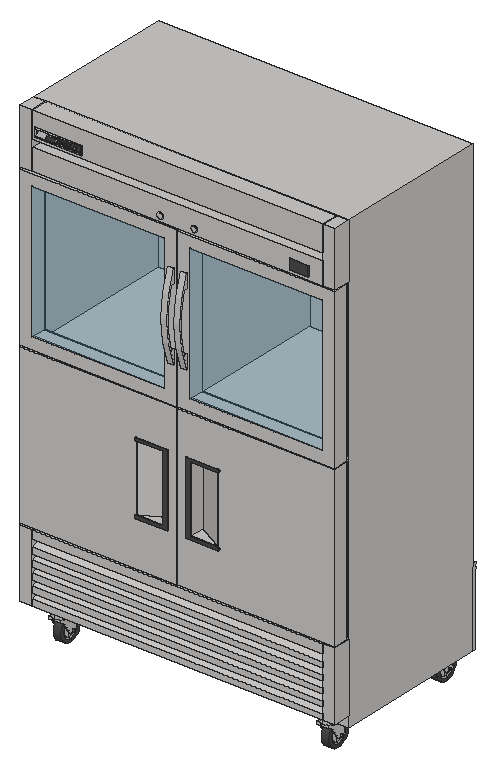
Revit family "QF_TRUE_T-49-2-G-2-HC~FGD01", category Specialty Equipment, Revit 2015
Parameters
  Weight in Pounds = 515
  Watts = Volts * FL Amps  # 621 W
  Volts = 115 V
  URL Cutsheet = "www.truemfg.com"
  URL = "www.truemfg.com"
  Specification by User = ""
  Specification by Manufacturer = ""
  Show Clearance [instance] = yes
  Show 6 Inches Seismic Flanged Legs [instance] = no
  Show Logo [instance] = yes
  Serial Number = ""
  Seismic Rating = ""
  SMACNA No = ""
  Revision Code = ""
  Phase = 1
  Overall Height [instance] = Body Height + Base Height  # 83 3/8"
  Number of Poles = 1
  NAFEM Spec ID Number = ""
  Model = "T-49-2-G-2-HC~FGD01"
  Min Ckt Ampacity = 0 A
  Max Overcurrent Protection = 0 A
  Masterspec = ""
  Manufacturer = "TRUE"
  Length = 54 5/32"
  Item Number = ""
  Installed By = ""
  Identify Quantity as Lot = yes
  Height = 83 3/8"
  HP = "1/2"
  Furnished By = ""
  Foodservice Equipment Identifier = yes
  FL Amps = 5.4 A
  Electrical Remarks = ""
  Electric Connection Type = ""
  Elec Conn RI Height = 0"
  Elec Conn Connection Height = 0"
  Description = "REACH-IN COMBINATION HALF SWING DOOR REFRIGERATOR WITH HYDROCARBON REFRIGERANT~FRAMED GLASS DOOR VERSION 01"
  Depth = 29 13/16"
  Cycle = 60 Hz
  Conn Plug = "NEMA 5-15P"
  Conn Conduit = yes
  CSI MasterFormat = ""
  Body Height = 78 5/16"
  Base Height [instance] = if(Show 6 Inches Standard Legs, 6", if(Show 6 Inches Seismic Flanged Legs, 6", if(Show 2.5 Inches Castors, 2 1/2", if(Show 2.5 Inches Standard Legs, 2 1/2", 5 1/16"))))  # 5 1/16"
  Apparent Power = 0 VA
  Show 6 Inches Standard Legs [instance] = no
  Show 5 Inches Castors [instance] = if(or(Show 6 Inches Standard Legs, Show 6 Inches Seismic Flanged Legs), or(or(Show 2.5 Inches Castors, Show 2.5 Inches Standard Legs), and(Show 6 Inches Standard Legs, Show 6 Inches Seismic Flanged Legs)), if(Show 2.5 Inches Castors, Show 2.5 Inches Standard Legs, not(Show 2.5 Inches Standard Legs)))  # yes
  Show 2.5 Inches Standard Legs [instance] = no
  Show 2.5 Inches Castors [instance] = no
Reference planes (in)
  plane 1 "BACK": y = 0
  plane 2: z = 0
  plane 3 "LEFT": x = 0
  plane 4 "RIGHT": x = 54.15625
  plane 5 "FRONT": y = -29.8125
  plane 6 "TOP": z = 83.375
  plane 7 "Center Y": x = 27.07813
  plane 8 "Center X": y = -14.90625
  plane 9: z = 5.0625
Dimensions and locks (in)
  equal spacing: plane 3 "LEFT", plane 7 "Center Y", plane 4 "RIGHT"
  "Length": plane 3 "LEFT" to plane 4 "RIGHT"
  equal spacing: plane 5 "FRONT", plane 8 "Center X", plane 1 "BACK"
  "Depth": plane 5 "FRONT" to plane 1 "BACK"
  "Overall Height": plane 6 "TOP" to level
  plane 3 "LEFT" to plane 4 "RIGHT" = 54 5/32"
  nested 5 to plane 1 "BACK" = 1/2"
  nested 5 to nested 5 = 1 17/32"
  nested 5 to nested 5 = 31 27/32"
  "Base Height": plane 9 to level
  "Body Height": nested 5 to plane 9
  aligned and locked: level to plane 2
  aligned and locked: nested 5 to plane 9
Nested families (in)
  nested 1: "CASTER-LEGS" at (4, -2.625, 0), Show 5" Casters <- "Show 5 Inches Castors", Show 2.5 Standard Legs <- "Show 2.5 Inches Standard Legs", Show 6 Inches Legs <- "Show 6 Inches Standard Legs", Show 2.5 Casters <- "Show 2.5 Inches Castors", Show Siesmic Flanged <- "Show 6 Inches Seismic Flanged Legs", type "CASTER-LEGS"
    with Type Mark "", Status "", Specification by User "", Show Siesmic Flanged no, Show 6" Casters no, Show 6 Inches Legs no, Show 5" Casters yes, Show 4" Casters no, Show 2.5 Standard Legs no, Show 2.5 Casters no, Revision Code "", Low Profile no, Item Number "", Installed By "", Identify Quantity as Lot yes, Furnished By "", Foodservice Equipment Identifier yes
  nested 2: "CASTER-LEGS" at (4, -25.875, 0), Show 5" Casters <- "Show 5 Inches Castors", Show 2.5 Standard Legs <- "Show 2.5 Inches Standard Legs", Show 6 Inches Legs <- "Show 6 Inches Standard Legs", Show 2.5 Casters <- "Show 2.5 Inches Castors", Show Siesmic Flanged <- "Show 6 Inches Seismic Flanged Legs", type "CASTER-LEGS"
    with Type Mark "", Status "", Specification by User "", Show Siesmic Flanged no, Show 6" Casters no, Show 6 Inches Legs no, Show 5" Casters yes, Show 4" Casters no, Show 2.5 Standard Legs no, Show 2.5 Casters no, Revision Code "", Low Profile no, Item Number "", Installed By "", Identify Quantity as Lot yes, Furnished By "", Foodservice Equipment Identifier yes
  nested 3: "CASTER-LEGS" at (50.15625, -2.625, 0), Show 5" Casters <- "Show 5 Inches Castors", Show 2.5 Standard Legs <- "Show 2.5 Inches Standard Legs", Show 6 Inches Legs <- "Show 6 Inches Standard Legs", Show 2.5 Casters <- "Show 2.5 Inches Castors", Show Siesmic Flanged <- "Show 6 Inches Seismic Flanged Legs", type "CASTER-LEGS"
    with Type Mark "", Status "", Specification by User "", Show Siesmic Flanged no, Show 6" Casters no, Show 6 Inches Legs no, Show 5" Casters yes, Show 4" Casters no, Show 2.5 Standard Legs no, Show 2.5 Casters no, Revision Code "", Low Profile no, Item Number "", Installed By "", Identify Quantity as Lot yes, Furnished By "", Foodservice Equipment Identifier yes
  nested 4: "CASTER-LEGS" at (50.15625, -25.875, 0), Show 5" Casters <- "Show 5 Inches Castors", Show 2.5 Standard Legs <- "Show 2.5 Inches Standard Legs", Show 6 Inches Legs <- "Show 6 Inches Standard Legs", Show 2.5 Casters <- "Show 2.5 Inches Castors", Show Siesmic Flanged <- "Show 6 Inches Seismic Flanged Legs", type "CASTER-LEGS"
    with Type Mark "", Status "", Specification by User "", Show Siesmic Flanged no, Show 6" Casters no, Show 6 Inches Legs no, Show 5" Casters yes, Show 4" Casters no, Show 2.5 Standard Legs no, Show 2.5 Casters no, Revision Code "", Low Profile no, Item Number "", Installed By "", Identify Quantity as Lot yes, Furnished By "", Foodservice Equipment Identifier yes
  nested 5: "T-49-2-G-2-HC-FGD01" at (0, 0, 0), Show Clearance <- "Show Clearance", Show Logo <- "Show Logo", type "T-49-2-G-2-HC-FGD01"
    with Show Logo yes, Material and Finishes QF_Metal - Stainless - Polished
Connectors (in)
  electrical at (27.07812, 0.5, 12.75), driven by "Volts", driven by "Watts"
    settings: on nested 5, index 1, voltage 115 V, apparent load 621 VA, apparent load phase1 0 VA, apparent load phase2 0 VA, apparent load phase3 0 VA, power factor 1, load classification "Other", number of poles 1, system type 30, power factor state 1, is connector primary yes, connector utility no, sub classification motor no, connector description "ELECTRICAL CONNECTION"
Definition of nested family "CASTER-LEGS"
  Parameters (values of type "CASTER-LEGS")
    Weight = ""
    URL Manufacturer = ""
    URL Cutsheet = ""
    URL = ""
    Type Mark [instance] = ""
    Status [instance] = ""
    Specification by User [instance] = ""
    Specification by Manufacturer = ""
    Show Siesmic Flanged [instance] = yes
    Show 6 Inches Legs [instance] = yes
    Show 6" Casters [instance] = yes
    Show 5" Casters [instance] = yes
    Show 4" Casters [instance] = yes
    Show 2.5 Standard Legs [instance] = yes
    Show 2.5 Casters [instance] = yes
    Serial Number = ""
    Seismic Rating = ""
    SMACNA No = ""
    Revision Code [instance] = ""
    Omniclass Number and Title = ""
    NAFEM Spec ID Number = ""
    Model = ""
    MasterSpec. = ""
    Manufacturer = ""
    Low Profile [instance] = yes
    Item Number [instance] = ""
    Installed By [instance] = ""
    Identify Quantity as Lot [instance] = yes
    Furnished By [instance] = ""
    Foodservice Equipment Identifier [instance] = yes
    Description = ""
    CSI MasterFormat = ""
    CSI Master Format = ""
    Assembly Code = ""
  Reference planes (in)
    plane 1: z = 0
    plane 2 "RIGHT": x = 0
    plane 3 "FRONT": y = 0
    plane 4 "TOP": z = 6
    plane 5: z = 2.125
    plane 6: z = 2.5
    plane 7: z = 6.25
  Forms (in)
    Revolve 1, solid, visible <- "Show 6 Inches Legs"
      sketch origin (11.12172, 0, 0) x (-1, 0, 0) y (0, 0, -1)
        loop
          line (11.12172, -6) -> (11.12172, 0) -> (10.62172, 0) -> (10.62172, -1.30261) -> (10.37172, -1.30261) -> (10.37172, -6) -> (11.12172, -6)
        axis (11.12172, 0) -> (11.12172, -6)
      angle from 0 to 360
    Extrusion 2, solid, visible <- "Show Siesmic Flanged"
      sketch origin (0, 0, 0) x (1, 0, 0) y (0, 1, 0)
        loop
          circle (-0.00825, 0) r 1
      from 0 to 0.125
    Revolve 3, solid, visible <- "Show Siesmic Flanged"
      sketch origin (11.12172, 0, 0) x (-1, 0, 0) y (0, 0, -1)
        loop
          line (11.12172, -6) -> (11.12172, -0.125) -> (10.62172, -0.125) -> (10.62172, -1.30261) -> (10.37172, -1.30261) -> (10.37172, -6) -> (11.12172, -6)
        axis (11.12172, -0.125) -> (11.12172, -6)
      angle from 0 to 360
    Revolve 4, solid, visible <- "Show 2.5 Standard Legs"
      sketch origin (11.12172, 0, 0) x (-1, 0, 0) y (0, 0, -1)
        loop
          line (11.12172, -2.5) -> (11.12172, 0) -> (10.62172, 0) -> (10.62172, -0.75) -> (10.37172, -0.75) -> (10.37172, -2.5) -> (11.12172, -2.5)
        axis (11.12172, 0) -> (11.12172, -2.5)
      angle from 0 to 360
  Dimensions and locks (in)
    plane 4 "TOP" to level = 6"  (x2)
    locked: Revolve 1 sketch curve to Revolve 1 sketch curve at 1.30261
    locked: Revolve 1 sketch curve to Revolve 1 sketch curve at 0.75
    nested 1 to level = 5"
    plane 6 to plane 1 = 2 1/2"
    plane 5 to plane 1 = 2 1/8"
    plane 7 to plane 1 = 6 1/4"
    locked: Revolve 3 sketch curve to Revolve 3 sketch curve at 0.75
    aligned and locked: level to plane 1
  Nested families (in)
    nested 1: "PITCO_5 INCHES CASTER" at (0, 0, 0), Show Casters <- "Show 5" Casters", type "PITCO_5 INCHES CASTER"
      with Type Mark "", Status "", Specification by User "", Show Casters yes, Revision Code "", Item Number "", Installed By "", Identify Quantity as Lot yes, Furnished By "", Foodservice Equipment Identifier yes
    nested 2: "2.13" at (0, 0, 0), 2.5 Inches Caster <- "Low Profile", type "2.13"
      with Type Mark "", Status "", Specification by User "", Revision Code "", Item Number "", Installed By "", Identify Quantity as Lot yes, Furnished By "", Foodservice Equipment Identifier yes, 2.5 Inches Caster yes
    nested 3: "C4" at (0, 0, 0), Show 4 Inches Casters <- "Show 4" Casters", type "C4"
      with Type Mark "", Specification by User "", Show 4 Inches Casters yes, Revision Code "", Item Number "", Installed By "", Identify Quantity as Lot yes, Furnished By "", Foodservice Equipment Identifier yes
    nested 4: "6 Inches Leg & Caster" at (0, 0, 0), Show Casters <- "Show 6" Casters", type "6 Inches Leg & Caster"
      with Type Mark "", Status "", Specification by User "", Show Casters yes, Revision Code "", Item Number "", Installed By "", Identify Quantity as Lot yes, Furnished By "", Foodservice Equipment Identifier yes
    nested 5: "C2.5" at (0, -0.86941, 0), 2.5 Inches Caster <- "Show 2.5 Casters", type "C2.5"
      with Type Mark "", Status "", Specification by User "", Revision Code "", Item Number "", Installed By "", Identify Quantity as Lot yes, Furnished By "", Foodservice Equipment Identifier yes, 2.5 Inches Caster yes
  Definition of nested family "PITCO_5 INCHES CASTER"
    Parameters (values of type "PITCO_5 INCHES CASTER")
      Weight = ""
      URL Manufacturer = ""
      URL Cutsheet = ""
      URL = ""
      Type Mark [instance] = ""
      Status [instance] = ""
      Specification by User [instance] = ""
      Specification by Manufacturer = ""
      Show Casters [instance] = yes
      Rubber = none
      Chrome = none
      Serial Number = ""
      Seismic Rating = ""
      SMACNA No = ""
      Revision Code [instance] = ""
      Omniclass Number and Title = ""
      NAFEM Spec ID Number = ""
      Model = ""
      MasterSpec. = ""
      Manufacturer = ""
      Item Number [instance] = ""
      Installed By [instance] = ""
      Identify Quantity as Lot [instance] = yes
      Furnished By [instance] = ""
      Foodservice Equipment Identifier [instance] = yes
      Description = ""
      CSI MasterFormat = ""
      CSI Master Format = ""
      Assembly Code = ""
    Reference planes (in)
      plane 1: z = 0
      plane 2 "RIGHT": x = 0
      plane 3 "FRONT": y = 0
      plane 4 "TOP": z = 5
      plane 5: z = 5.0625
    Forms (in)
      Revolve 1, solid, visible <- "Show Casters"
        sketch origin (-180, 1.0625, -34.67466) x (0, 0, -1) y (-1, 0, 0)
          loop
            line (-34.67466, -180.64009) -> (-34.67466, -179.35991) -> (-35.17466, -179.35991) -> (-35.17466, -179.48491) -> (-35.42466, -179.48491) -> (-35.42466, -179.64009) -> (-36.48519, -179.60306) -> (-36.48519, -178.85852) -> (-36.5316, -178.85852) -> (-36.5316, -178.71719) -> (-36.70591, -178.71719) -> (-36.70591, -181.28281) -> (-36.5316, -181.28281) -> (-36.5316, -181.14148) -> (-36.48519, -181.14148) -> (-36.48519, -180.39694) -> (-35.42466, -180.35991) -> (-35.42466, -180.51509) -> (-35.17466, -180.51509) -> (-35.17466, -180.64009) -> (-34.67466, -180.64009)
          axis (-36.70591, -181.28281) -> (-36.70591, -178.71719)
        angle from 0 to 360
      Extrusion 2, solid, visible <- "Show Casters"
        sketch origin (0, 0, -1.11142) x (0, -1, 0) y (1, 0, 0)
          loop
            circle (0, 0) r 1.5
        from 5.61142 to 6.17392
      Extrusion 3, solid, visible <- "Show Casters"
        sketch origin (0, 0, 0.289) x (0, -1, 0) y (0, 0, 1)
          loop
            arc (0.91808, 3.59427) -> (1.13645, 3.7909) -> (1.42156, 3.86198) r 0.60732
            line (1.42156, 3.86198) -> (1.46208, 3.86198) -> (1.43155, 4.211) -> (-1.43155, 4.211)
            arc (-1.43155, 4.211) -> (-1.62474, 4.13098) -> (-1.70476, 3.93778) r 0.27322
            line (-1.70476, 3.93778) -> (-1.70476, 3.78861) -> (-1.76351, 2.11371) -> (-1.82446, 1.68005)
            arc (-1.82446, 1.68005) -> (-1.73191, 1.41127) -> (-1.46007, 1.32816) r 0.31307
            line (-1.46007, 1.32816) -> (-0.60834, 1.47835)
            arc (-0.60834, 1.47835) -> (-0.50841, 1.51771) -> (-0.43181, 1.59299) r 0.26936
            line (-0.43181, 1.59299) -> (0.91808, 3.59427)
        from 0.84601 to 1.05998
      Extrusion 4, solid, visible <- "Show Casters"
        sketch origin (0, 0, -0.82242) x (0, -1, 0) y (0, 0, -1)
          loop
            line (1.43155, -5.32242) -> (1.46208, -4.9734) -> (1.42156, -4.9734)
            arc (1.42156, -4.9734) -> (1.13645, -4.90232) -> (0.91808, -4.70569) r 0.60732
            line (0.91808, -4.70569) -> (-0.43181, -2.70441)
            arc (-0.43181, -2.70441) -> (-0.50841, -2.62913) -> (-0.60834, -2.58977) r 0.26936
            line (-0.60834, -2.58977) -> (-1.46007, -2.43958)
            arc (-1.46007, -2.43958) -> (-1.73191, -2.52269) -> (-1.82446, -2.79147) r 0.31307
            line (-1.82446, -2.79147) -> (-1.76351, -3.22513) -> (-1.70476, -4.90003) -> (-1.70476, -5.0492)
            arc (-1.70476, -5.0492) -> (-1.62474, -5.2424) -> (-1.43155, -5.32242) r 0.27322
            line (-1.43155, -5.32242) -> (1.43155, -5.32242)
        from 0.84601 to 1.05998
      Extrusion 5, solid, visible <- "Show Casters"
        sketch origin (-0.84601, 0, 0.289) x (0, 1, 0) y (0, 0, 1)
          loop
            line (1.43155, 4.211) -> (-1.43155, 4.211) -> (-1.46208, 3.86198) -> (-1.42156, 3.86198)
            arc (-1.42156, 3.86198) -> (-1.13645, 3.7909) -> (-0.91808, 3.59427) r 0.60732
            arc (-0.91808, 3.59427) -> (0.37927, 3.88135) -> (1.70476, 3.78861) r 4.63574
            line (1.70476, 3.78861) -> (1.70476, 3.93778)
            arc (1.70476, 3.93778) -> (1.62474, 4.13098) -> (1.43155, 4.211) r 0.27322
        from 0 to 1.69203
    Cuts and joins
      joined: Extrusion 3, Extrusion 4, Extrusion 5
    Lines and regions (in)
      symbolic lines, visible <- "Show Casters"
        curve 1: line (0.70901, 2.6399, 0) -> (1.79507, 2.01286, 0)
        curve 2: line (-1.79099, -1.69023, 0) -> (0.70901, 2.6399, 0)
        curve 3: line (-0.70493, -2.31727, 0) -> (-1.79099, -1.69023, 0)
        curve 4: line (1.79507, 2.01286, 0) -> (-0.70493, -2.31727, 0)
    Dimensions and locks (in)
      plane 4 "TOP" to level = 5"  (x2)
      plane 5 to level = 5 1/16"
      aligned and locked: level to plane 1
  Definition of nested family "2.13"
    Parameters
      Weight = ""
      URL Manufacturer = ""
      URL Cutsheet = ""
      URL = ""
      Type Mark [instance] = ""
      Status [instance] = ""
      Specification by User [instance] = ""
      Specification by Manufacturer = ""
      Serial Number = ""
      Seismic Rating = ""
      SMACNA No = ""
      Revision Code [instance] = ""
      Omniclass Number and Title = ""
      NAFEM Spec ID Number = ""
      Model = ""
      MasterSpec. = ""
      Manufacturer = ""
      Item Number [instance] = ""
      Installed By [instance] = ""
      Identify Quantity as Lot [instance] = yes
      Furnished By [instance] = ""
      Foodservice Equipment Identifier [instance] = yes
      Description = ""
      CSI MasterFormat = ""
      CSI Master Format = ""
      Assembly Code = ""
      2.5 Inches Caster [instance] = yes
    Reference planes (in)
      plane 1: z = 0
      plane 2 "RIGHT": x = 0
      plane 3 "FRONT": y = 0
      plane 4 "TOP": z = 2.125
    Forms (in)
      Revolve 1, solid, visible <- "2.5 Inches Caster"
        sketch origin (-1.93794, 0.83816, -1.0041) x (1, 0, 0) y (0, 0, 1)
          loop
            line (0.74055, 1.76972) -> (0.74055, 1.69422) -> (0.79055, 1.64422) -> (0.85055, 1.64422) -> (0.85055, 1.52415) -> (1.235, 1.52415) -> (1.235, 1.4568) -> (1.38673, 1.3692) -> (1.4003, 1.28535) -> (1.34375, 1.28535) -> (1.34375, 1.16035) -> (1.375, 1.16035) -> (1.375, 1.0041) -> (1.87544, 1.0041) -> (1.87544, 1.52415) -> (2.00044, 1.52415) -> (2.00044, 1.0041) -> (2.48438, 1.0041) -> (2.48438, 1.16035) -> (2.51563, 1.16035) -> (2.51563, 1.28535) -> (2.45908, 1.28535) -> (2.47322, 1.37272) -> (2.62438, 1.45999) -> (2.62438, 1.52415) -> (3.04007, 1.52415) -> (3.04007, 1.64422) -> (3.10007, 1.64422) -> (3.15007, 1.69422) -> (3.15007, 1.76972) -> (0.74055, 1.76972)
          axis (0.74055, 1.76972) -> (3.15007, 1.76972)
        angle from 0 to 360
      Extrusion 2, solid, visible <- "2.5 Inches Caster"
        sketch origin (-1.93794, 1.80294, -3.6291) x (0, 1, 0) y (0, 0, 1)
          loop
            line (-0.64294, 5.43229) -> (-0.64294, 5.55298) -> (-2.21294, 5.55298) -> (-2.21294, 5.30272) -> (-1.81966, 5.30272)
            arc (-1.81966, 5.30272) -> (-1.13638, 5.20789) -> (-0.46376, 5.05475) r 8.02767
            arc (-0.46376, 5.05475) -> (-0.19511, 4.95469) -> (0.05138, 4.80832) r 1.60049
            line (0.05138, 4.80832) -> (0.12713, 4.91318)
            arc (0.12713, 4.91318) -> (-0.07255, 5.06376) -> (-0.29048, 5.18644) r 1.8753
            line (-0.29048, 5.18644) -> (-0.22239, 5.30423)
            arc (-0.22239, 5.30423) -> (-0.42776, 5.38437) -> (-0.64294, 5.43229) r 1.44292
        from 1.17357 to 2.70231
      Revolve 3, solid, visible <- "2.5 Inches Caster"
        sketch origin (0, 2.10856, -4.125) x (0, 1, 0) y (0, 0, 1)
          loop
            line (-1.73858, 6.25) -> (-1.73858, 6.04889) -> (-1.05793, 6.04889) -> (-1.05793, 6.25) -> (-1.73858, 6.25)
          axis (-1.73858, 6.04889) -> (-1.73858, 6.25)
        angle from 0 to 360
      Extrusion 4, solid, visible <- "2.5 Inches Caster"
        sketch origin (-1.98481, 1.80294, -2.1291) x (0, 1, 0) y (0, 0, 1)
          loop
            line (-2.21294, 4.05298) -> (-2.21294, 3.80272) -> (-2.13999, 3.80272)
            arc (-2.13999, 3.80272) -> (-1.62379, 3.51899) -> (-1.39241, 2.97729) r 0.90292
            arc (-1.39241, 2.97729) -> (-1.36136, 2.78161) -> (-1.29729, 2.59413) r 1.15385
            arc (-1.29729, 2.59413) -> (-0.94802, 2.37355) -> (-0.6121, 2.61396) r 0.37001
            arc (-0.6121, 2.61396) -> (-0.59625, 2.66241) -> (-0.58446, 2.712) r 0.61695
            arc (-0.58446, 2.712) -> (-0.36134, 3.11665) -> (0.05609, 3.31484) r 0.75313
            line (0.05609, 3.31484) -> (0.12713, 3.41318)
            arc (0.12713, 3.41318) -> (-0.07255, 3.56376) -> (-0.29048, 3.68644) r 1.8753
            line (-0.29048, 3.68644) -> (-0.22239, 3.80423)
            arc (-0.22239, 3.80423) -> (-0.42776, 3.88437) -> (-0.64294, 3.93229) r 1.44292
            line (-0.64294, 3.93229) -> (-0.64294, 4.05298) -> (-2.21294, 4.05298)
        from 2.74918 to 2.90825
      Extrusion 5, solid, visible <- "2.5 Inches Caster"
        sketch origin (1.98481, 1.80294, -2.1291) x (0, 1, 0) y (0, 0, -1)
          loop
            line (-2.21294, -4.05298) -> (-0.64294, -4.05298) -> (-0.64294, -3.93229)
            arc (-0.64294, -3.93229) -> (-0.42776, -3.88437) -> (-0.22239, -3.80423) r 1.44292
            line (-0.22239, -3.80423) -> (-0.29048, -3.68644)
            arc (-0.29048, -3.68644) -> (-0.07255, -3.56376) -> (0.12713, -3.41318) r 1.8753
            line (0.12713, -3.41318) -> (0.05609, -3.31484)
            arc (0.05609, -3.31484) -> (-0.36134, -3.11665) -> (-0.58446, -2.712) r 0.75313
            arc (-0.58446, -2.712) -> (-0.59625, -2.66241) -> (-0.6121, -2.61396) r 0.61695
            arc (-0.6121, -2.61396) -> (-0.94802, -2.37355) -> (-1.29729, -2.59413) r 0.37001
            arc (-1.29729, -2.59413) -> (-1.36136, -2.78161) -> (-1.39241, -2.97729) r 1.15385
            arc (-1.39241, -2.97729) -> (-1.62379, -3.51899) -> (-2.13999, -3.80272) r 0.90292
            line (-2.13999, -3.80272) -> (-2.21294, -3.80272) -> (-2.21294, -4.05298)
        from 2.74918 to 2.90825
    Lines and regions (in)
      symbolic lines, visible <- "2.5 Inches Caster"
        curve 1: line (0.10651, 1.27186, 0) -> (0.80944, 0.86603, 0)
        curve 2: line (-0.89349, -0.46019, 0) -> (0.10651, 1.27186, 0)
        curve 3: line (-0.19056, -0.86603, 0) -> (-0.89349, -0.46019, 0)
        curve 4: line (0.80944, 0.86603, 0) -> (-0.19056, -0.86603, 0)
    Dimensions and locks (in)
      plane 4 "TOP" to level = 2 1/8"  (x2)
      aligned and locked: level to plane 1
  Definition of nested family "C4"
    Parameters
      Weight = ""
      URL Manufacturer = ""
      URL Cutsheet = ""
      URL = ""
      Type Mark [instance] = ""
      Specification by User [instance] = ""
      Specification by Manufacturer = ""
      Show 4 Inches Casters [instance] = yes
      Serial Number = ""
      Seismic Rating = ""
      SMACNA No = ""
      Revision Code [instance] = ""
      Omniclass Number and Title = ""
      NAFEM Spec ID Number = ""
      Model = ""
      MasterSpec. = ""
      Manufacturer = ""
      Item Number [instance] = ""
      Installed By [instance] = ""
      Identify Quantity as Lot [instance] = yes
      Furnished By [instance] = ""
      Foodservice Equipment Identifier [instance] = yes
      Description = ""
      CSI MasterFormat = ""
      CSI Master Format = ""
      Assembly Code = ""
    Reference planes (in)
      plane 1: z = 0
      plane 2 "RIGHT": x = 0
      plane 3 "FRONT": y = 0
      plane 4 "TOP": z = 4
    Forms (in)
      Revolve 1, solid, visible <- "Show 4 Inches Casters"
        sketch origin (-1.93794, 0.83816, -1.0041) x (1, 0, 0) y (0, 0, 1)
          loop
            line (0.74055, 2.5041) -> (3.15007, 2.5041) -> (3.15007, 2.5796) -> (3.10007, 2.6296) -> (3.04007, 2.6296) -> (3.04007, 2.74967) -> (2.62438, 2.74967) -> (2.62438, 2.93884) -> (2.48438, 3.01967) -> (2.45908, 3.17597) -> (2.51563, 3.17597) -> (2.51563, 3.41035) -> (2.48438, 3.41035) -> (2.48438, 4.0041) -> (1.375, 4.0041) -> (1.375, 3.41035) -> (1.34375, 3.41035) -> (1.34375, 3.17597) -> (1.4003, 3.17597) -> (1.37557, 3.02318) -> (1.235, 2.94202) -> (1.235, 2.74967) -> (0.85055, 2.74967) -> (0.85055, 2.6296) -> (0.79055, 2.6296) -> (0.74055, 2.5796) -> (0.74055, 2.5041)
          axis (0.74055, 2.5041) -> (3.15007, 2.5041)
        angle from 0 to 360
      Extrusion 2, solid, visible <- "Show 4 Inches Casters"
        sketch origin (-1.93794, 1.80294, -1.7541) x (0, 1, 0) y (0, 0, 1)
          loop
            line (-3.08794, 5.33423) -> (-3.08794, 5.00584) -> (-2.69466, 5.00584)
            arc (-2.69466, 5.00584) -> (-1.57175, 4.94895) -> (-0.46376, 4.75787) r 9.36411
            arc (-0.46376, 4.75787) -> (-0.05889, 4.58436) -> (0.28335, 4.30705) r 1.60049
            line (0.28335, 4.30705) -> (0.34449, 4.39437)
            arc (0.34449, 4.39437) -> (0.12713, 4.6163) -> (-0.1239, 4.79931) r 1.8753
            line (-0.1239, 4.79931) -> (-0.05749, 4.91421)
            arc (-0.05749, 4.91421) -> (-0.33807, 5.05694) -> (-0.64294, 5.13542) r 1.44292
            line (-0.64294, 5.13542) -> (-0.64294, 5.33423) -> (-3.08794, 5.33423)
        from 1.1267 to 2.74918
      Revolve 3, solid, visible <- "Show 4 Inches Casters"
        sketch origin (0, 2.15543, -2.25) x (0, 1, 0) y (0, 0, 1)
          loop
            line (-2.21793, 6.25) -> (-2.21793, 5.83014) -> (-1.05793, 5.83014) -> (-1.05793, 6.25) -> (-2.21793, 6.25)
          axis (-2.21793, 5.83014) -> (-2.21793, 6.25)
        angle from 0 to 360
      Extrusion 4, solid, visible <- "Show 4 Inches Casters"
        sketch origin (-1.93794, 1.80294, -1.7541) x (0, 1, 0) y (0, 0, 1)
          loop
            line (-3.08794, 5.33423) -> (-3.08794, 5.00584) -> (-2.8913, 5.00584)
            arc (-2.8913, 5.00584) -> (-2.09118, 4.14057) -> (-1.45681, 3.14736) r 6.63355
            arc (-1.45681, 3.14736) -> (-0.85703, 2.75969) -> (-0.4561, 3.35069) r 0.5107
            arc (-0.4561, 3.35069) -> (-0.27092, 3.92503) -> (0.24034, 4.24562) r 0.88136
            line (0.24034, 4.24562) -> (0.34449, 4.39437)
            arc (0.34449, 4.39437) -> (0.12713, 4.6163) -> (-0.1239, 4.79931) r 1.8753
            line (-0.1239, 4.79931) -> (-0.05749, 4.91421)
            arc (-0.05749, 4.91421) -> (-0.33807, 5.05694) -> (-0.64294, 5.13542) r 1.44292
            line (-0.64294, 5.13542) -> (-0.64294, 5.33423) -> (-3.08794, 5.33423)
        from 2.74918 to 2.90825
      Extrusion 5, solid, visible <- "Show 4 Inches Casters"
        sketch origin (1.93794, 1.80294, -1.7541) x (0, 1, 0) y (0, 0, -1)
          loop
            line (-3.08794, -5.33423) -> (-0.64294, -5.33423) -> (-0.64294, -5.13542)
            arc (-0.64294, -5.13542) -> (-0.33807, -5.05694) -> (-0.05749, -4.91421) r 1.44292
            line (-0.05749, -4.91421) -> (-0.1239, -4.79931)
            arc (-0.1239, -4.79931) -> (0.12713, -4.6163) -> (0.34449, -4.39437) r 1.8753
            line (0.34449, -4.39437) -> (0.24034, -4.24562)
            arc (0.24034, -4.24562) -> (-0.27092, -3.92503) -> (-0.4561, -3.35069) r 0.88136
            arc (-0.4561, -3.35069) -> (-0.85703, -2.75969) -> (-1.45681, -3.14736) r 0.5107
            arc (-1.45681, -3.14736) -> (-2.09118, -4.14057) -> (-2.8913, -5.00584) r 6.63355
            line (-2.8913, -5.00584) -> (-3.08794, -5.00584) -> (-3.08794, -5.33423)
        from 2.74918 to 2.90825
    Cuts and joins
      joined: Extrusion 2, Extrusion 4, Extrusion 5
    Lines and regions (in)
      symbolic lines, visible <- "Show 4 Inches Casters"
        curve 1: line (0.28481, 1.83041, 0) -> (1.24556, 1.27572, 0)
        curve 2: line (-1.26206, -0.84886, 0) -> (0.28481, 1.83041, 0)
        curve 3: line (-0.30132, -1.40355, 0) -> (-1.26206, -0.84886, 0)
        curve 4: line (1.24556, 1.27572, 0) -> (-0.30132, -1.40355, 0)
    Dimensions and locks (in)
      plane 4 "TOP" to level = 4"  (x2)
      aligned and locked: level to plane 1
  Definition of nested family "6 Inches Leg & Caster"
    Parameters
      Weight = ""
      URL Manufacturer = ""
      URL Cutsheet = ""
      URL = ""
      Type Mark [instance] = ""
      Status [instance] = ""
      Specification by User [instance] = ""
      Specification by Manufacturer = ""
      Show Casters [instance] = yes
      Serial Number = ""
      Seismic Rating = ""
      SMACNA No = ""
      Revision Code [instance] = ""
      Omniclass Number and Title = ""
      NAFEM Spec ID Number = ""
      Model = ""
      MasterSpec. = ""
      Manufacturer = ""
      Item Number [instance] = ""
      Installed By [instance] = ""
      Identify Quantity as Lot [instance] = yes
      Furnished By [instance] = ""
      Foodservice Equipment Identifier [instance] = yes
      Description = ""
      CSI MasterFormat = ""
      CSI Master Format = ""
    Reference planes (in)
      plane 1 "BACK": y = 0
      plane 2: z = 0
      plane 3 "LEFT": x = 0
      plane 4 "RIGHT": x = 0
      plane 5 "FRONT": y = 0
      plane 6 "TOP": z = 6.25
    Forms (in)
      Revolve 1, solid, visible <- "Show Casters"
        sketch origin (-2.21793, 0, -0.25) x (-1, 0, 0) y (0, 0, 1)
          loop
            line (-2.21793, 6) -> (-2.21793, 5.55584) -> (-0.93693, 5.55584) -> (-0.93693, 6) -> (-2.21793, 6)
          axis (-2.21793, 5.55584) -> (-2.21793, 6)
        angle from 0 to 360
      Extrusion 2, solid, visible <- "Show Casters"
        sketch origin (0.25594, 2.21793, -0.1875) x (0, 1, 0) y (0, 0, 1)
          loop
            line (-3.37793, 5.49334) -> (-3.37793, 5.24334) -> (-1.63015, 2.08504)
            arc (-1.63015, 2.08504) -> (-0.63555, 1.74359) -> (-0.1951, 2.69848) r 0.78437
            line (-0.1951, 2.69848) -> (-1.06726, 5.49334) -> (-3.37793, 5.49334)
        from 0.78968 to 0.90247
      Extrusion 3, solid, visible <- "Show Casters"
        sketch origin (0, 0, 5.75) x (0, 1, 0) y (-1, 0, 0)
          loop
            circle (0, 0) r 0.75
        from 0 to 0.5
      Extrusion 4, solid, visible <- "Show Casters"
        sketch origin (-0.25594, 2.21793, -0.1875) x (0, 1, 0) y (0, 0, -1)
          loop
            line (-3.37793, -5.49334) -> (-1.06726, -5.49334) -> (-0.1951, -2.69848)
            arc (-0.1951, -2.69848) -> (-0.63555, -1.74359) -> (-1.63015, -2.08504) r 0.78437
            line (-1.63015, -2.08504) -> (-3.37793, -5.24334) -> (-3.37793, -5.49334)
        from 0.78968 to 0.90247
      Extrusion 5, solid, visible <- "Show Casters"
        sketch origin (0, 0, 0.75) x (0, 1, 0) y (0, 0, 1)
          loop
            line (-1.16, 4.55584) -> (-1.16, 4.30584) -> (1.15067, 4.30584) -> (1.15067, 4.55584) -> (-1.16, 4.55584)
        from -1.04562 to 1.04562
      Revolve 6, solid, visible <- "Show Casters"
        sketch origin (-1.9375, 1.23015, -0.12802) x (1, 0, 0) y (0, 0, 1)
          loop
            line (0.5843, 2.5041) -> (0.5843, 2.3661) -> (0.6343, 2.3161) -> (0.6943, 2.3161) -> (0.6943, 2.1804) -> (1.1725, 2.1804) -> (1.1725, 1.78493) -> (1.31307, 1.70377) -> (1.42647, 1.00302) -> (1.28125, 1.00302) -> (1.28125, 0.75302) -> (1.3125, 0.75302) -> (1.3125, 0.50302)
            arc (1.3125, 0.50302) -> (1.42233, 0.23785) -> (1.6875, 0.12802) r 0.375
            line (1.6875, 0.12802) -> (2.1875, 0.12802)
            arc (2.1875, 0.12802) -> (2.45267, 0.23785) -> (2.5625, 0.50302) r 0.375
            line (2.5625, 0.50302) -> (2.5625, 0.75302) -> (2.59375, 0.75302) -> (2.59375, 1.00302) -> (2.44853, 1.00302) -> (2.5625, 1.70728) -> (2.7025, 1.78811) -> (2.7025, 2.1804) -> (3.1807, 2.1804) -> (3.1807, 2.3161) -> (3.2407, 2.3161) -> (3.2907, 2.3661) -> (3.2907, 2.5041) -> (0.5843, 2.5041)
          axis (0.5843, 2.5041) -> (3.2907, 2.5041)
        angle from 0 to 360
    Cuts and joins
      joined: Extrusion 2, Extrusion 4, Extrusion 5
    Lines and regions (in)
      symbolic lines, visible <- "Show Casters"
        curve 1: line (0.46086, 2.04455, 0) -> (1.54339, 1.41955, 0)
        curve 2: line (-1.53914, -1.41955, 0) -> (0.46086, 2.04455, 0)
        curve 3: line (-0.45661, -2.04455, 0) -> (-1.53914, -1.41955, 0)
        curve 4: line (1.54339, 1.41955, 0) -> (-0.45661, -2.04455, 0)
    Dimensions and locks (in)
      plane 6 "TOP" to level = 6 1/4"  (x2)
      aligned and locked: level to plane 2
  Definition of nested family "C2.5"
    Parameters
      Weight = ""
      URL Manufacturer = ""
      URL Cutsheet = ""
      URL = ""
      Type Mark [instance] = ""
      Status [instance] = ""
      Specification by User [instance] = ""
      Specification by Manufacturer = ""
      Serial Number = ""
      Seismic Rating = ""
      SMACNA No = ""
      Revision Code [instance] = ""
      Omniclass Number and Title = ""
      NAFEM Spec ID Number = ""
      Model = ""
      MasterSpec. = ""
      Manufacturer = ""
      Item Number [instance] = ""
      Installed By [instance] = ""
      Identify Quantity as Lot [instance] = yes
      Furnished By [instance] = ""
      Foodservice Equipment Identifier [instance] = yes
      Description = ""
      CSI MasterFormat = ""
      CSI Master Format = ""
      Assembly Code = ""
      2.5 Inches Caster [instance] = yes
    Reference planes (in)
      plane 1: z = 0
      plane 2 "RIGHT": x = 0
      plane 3 "FRONT": y = 0
      plane 4 "TOP": z = 2.5
    Forms (in)
      Revolve 1, solid, visible <- "2.5 Inches Caster"
        sketch origin (-1.93794, 0.83816, -1.0041) x (1, 0, 0) y (0, 0, 1)
          loop
            line (0.74055, 1.92597) -> (0.74055, 1.85047) -> (0.79055, 1.80047) -> (0.85055, 1.80047) -> (0.85055, 1.6804) -> (1.235, 1.6804) -> (1.235, 1.61305) -> (1.38673, 1.52545) -> (1.4003, 1.4416) -> (1.34375, 1.4416) -> (1.34375, 1.3166) -> (1.375, 1.3166) -> (1.375, 1.0041) -> (2.48438, 1.0041) -> (2.48438, 1.3166) -> (2.51563, 1.3166) -> (2.51563, 1.4416) -> (2.45908, 1.4416) -> (2.47322, 1.52897) -> (2.62438, 1.61624) -> (2.62438, 1.6804) -> (3.04007, 1.6804) -> (3.04007, 1.80047) -> (3.10007, 1.80047) -> (3.15007, 1.85047) -> (3.15007, 1.92597) -> (0.74055, 1.92597)
          axis (0.74055, 1.92597) -> (3.15007, 1.92597)
        angle from 0 to 360
      Extrusion 2, solid, visible <- "2.5 Inches Caster"
        sketch origin (-1.93794, 1.80294, -3.2541) x (0, 1, 0) y (0, 0, 1)
          loop
            line (-0.64294, 5.43229) -> (-0.64294, 5.55298) -> (-2.21294, 5.55298) -> (-2.21294, 5.30272) -> (-1.81966, 5.30272)
            arc (-1.81966, 5.30272) -> (-1.13638, 5.20789) -> (-0.46376, 5.05475) r 8.02767
            arc (-0.46376, 5.05475) -> (-0.19511, 4.95469) -> (0.05138, 4.80832) r 1.60049
            line (0.05138, 4.80832) -> (0.12713, 4.91318)
            arc (0.12713, 4.91318) -> (-0.07255, 5.06376) -> (-0.29048, 5.18644) r 1.8753
            line (-0.29048, 5.18644) -> (-0.22239, 5.30423)
            arc (-0.22239, 5.30423) -> (-0.42776, 5.38437) -> (-0.64294, 5.43229) r 1.44292
        from 1.17357 to 2.70231
      Revolve 3, solid, visible <- "2.5 Inches Caster"
        sketch origin (0, 2.10856, -3.75) x (0, 1, 0) y (0, 0, 1)
          loop
            line (-1.73858, 6.25) -> (-1.73858, 6.04889) -> (-1.05793, 6.04889) -> (-1.05793, 6.25) -> (-1.73858, 6.25)
          axis (-1.73858, 6.04889) -> (-1.73858, 6.25)
        angle from 0 to 360
      Extrusion 4, solid, visible <- "2.5 Inches Caster"
        sketch origin (-1.98481, 1.80294, -1.7541) x (0, 1, 0) y (0, 0, 1)
          loop
            line (-2.21294, 4.05298) -> (-2.21294, 3.80272) -> (-2.13999, 3.80272)
            arc (-2.13999, 3.80272) -> (-1.62379, 3.51899) -> (-1.39241, 2.97729) r 0.90292
            arc (-1.39241, 2.97729) -> (-1.36136, 2.78161) -> (-1.29729, 2.59413) r 1.15385
            arc (-1.29729, 2.59413) -> (-0.94802, 2.37355) -> (-0.6121, 2.61396) r 0.37001
            arc (-0.6121, 2.61396) -> (-0.59625, 2.66241) -> (-0.58446, 2.712) r 0.61695
            arc (-0.58446, 2.712) -> (-0.36134, 3.11665) -> (0.05609, 3.31484) r 0.75313
            line (0.05609, 3.31484) -> (0.12713, 3.41318)
            arc (0.12713, 3.41318) -> (-0.07255, 3.56376) -> (-0.29048, 3.68644) r 1.8753
            line (-0.29048, 3.68644) -> (-0.22239, 3.80423)
            arc (-0.22239, 3.80423) -> (-0.42776, 3.88437) -> (-0.64294, 3.93229) r 1.44292
            line (-0.64294, 3.93229) -> (-0.64294, 4.05298) -> (-2.21294, 4.05298)
        from 2.74918 to 2.90825
      Extrusion 5, solid, visible <- "2.5 Inches Caster"
        sketch origin (1.98481, 1.80294, -1.7541) x (0, 1, 0) y (0, 0, -1)
          loop
            line (-2.21294, -4.05298) -> (-0.64294, -4.05298) -> (-0.64294, -3.93229)
            arc (-0.64294, -3.93229) -> (-0.42776, -3.88437) -> (-0.22239, -3.80423) r 1.44292
            line (-0.22239, -3.80423) -> (-0.29048, -3.68644)
            arc (-0.29048, -3.68644) -> (-0.07255, -3.56376) -> (0.12713, -3.41318) r 1.8753
            line (0.12713, -3.41318) -> (0.05609, -3.31484)
            arc (0.05609, -3.31484) -> (-0.36134, -3.11665) -> (-0.58446, -2.712) r 0.75313
            arc (-0.58446, -2.712) -> (-0.59625, -2.66241) -> (-0.6121, -2.61396) r 0.61695
            arc (-0.6121, -2.61396) -> (-0.94802, -2.37355) -> (-1.29729, -2.59413) r 0.37001
            arc (-1.29729, -2.59413) -> (-1.36136, -2.78161) -> (-1.39241, -2.97729) r 1.15385
            arc (-1.39241, -2.97729) -> (-1.62379, -3.51899) -> (-2.13999, -3.80272) r 0.90292
            line (-2.13999, -3.80272) -> (-2.21294, -3.80272) -> (-2.21294, -4.05298)
        from 2.74918 to 2.90825
    Lines and regions (in)
      symbolic lines, visible <- "2.5 Inches Caster"
        curve 1: line (0.10651, 1.96132, 0) -> (0.80944, 1.55548, 0)
        curve 2: line (-0.89349, 0.22927, 0) -> (0.10651, 1.96132, 0)
        curve 3: line (-0.19056, -0.17657, 0) -> (-0.89349, 0.22927, 0)
        curve 4: line (0.80944, 1.55548, 0) -> (-0.19056, -0.17657, 0)
    Dimensions and locks (in)
      plane 4 "TOP" to level = 2 1/2"  (x2)
      aligned and locked: level to plane 1
Definition of nested family "T-49-2-G-2-HC-FGD01"
  Parameters (values of type "T-49-2-G-2-HC-FGD01")
    Weight in Pounds = 0
    URL Cutsheet = ""
    Specification by User = ""
    Specification by Manufacturer = ""
    Show Logo [instance] = yes
    Show Clearance [instance] = yes
    Serial Number = ""
    Seismic Rating = ""
    SMACNA No = ""
    Revision Code = ""
    NAFEM Spec ID Number = ""
    Material and Finishes [instance] = none
    Masterspec = ""
    Item Number = ""
    Installed By = ""
    Identify Quantity as Lot = yes
    Furnished By = ""
    Foodservice Equipment Identifier = yes
    CSI MasterFormat = ""
  Reference planes (in)
    plane 1 "BACK": y = 0
    plane 2: z = 0
    plane 3 "LEFT": x = 0
    plane 4 "RIGHT": x = 54.15625
    plane 5 "FRONT": y = -29.8125
    plane 6 "TOP": z = 83.375
    plane 7 "Center Y": x = 27.07813
    plane 8 "Center X": y = -14.90625
    plane 9: z = 5.0625
    plane 10: y = 0.5
    plane 11: y = -31.34375
    plane 12: z = 67.5625
    plane 13: z = 52.5625
    plane 14: z = 67.5625
    plane 15: z = 52.5625
    plane 16: z = 7.0625
    plane 17: z = 81.375
    plane 18: y = -55.25
    plane 19: y = -55.25
    plane 20: y = -55.25
    plane 21: z = 67.5625
    plane 22: z = 52.5625
    plane 23: z = 67.5625
    plane 24: z = 52.5625
    plane 25: z = 7.0625
    plane 26: z = 81.375
    plane 27: y = -55.25
    plane 28: y = -55.25
  Forms (in)
    Extrusion 1, solid, material <- "Material and Finishes"
      sketch origin (-5.09019, 0.0625, 48) x (-1, 0, 0) y (0, 0, 1)
        loop
          line (-5.09019, 35.375) -> (-7.09019, 35.375) -> (-7.09019, -42.9375) -> (-5.09019, -42.9375) -> (-5.09019, 35.375)
      from -0.0625 to -26.875
    Extrusion 2, solid, material <- "Material and Finishes"
      sketch origin (2, -26.8125, 83.375) x (0, 0, -1) y (0, 1, 0)
        loop
          line (0, -3) -> (4.5, -3) -> (5.75, -0.19245) -> (5.75, -3) -> (9.5, -3) -> (9.5, 0) -> (0, 0) -> (0, -3)
        loop
          line (64.75, -3) -> (66.25, -3) -> (66.25, -0.43712) -> (67.5, -3) -> (68.5, -3) -> (68.5, -0.9497) -> (69.5, -3) -> (70.5, -3) -> (70.5, -0.9497) -> (71.5, -3) -> (72.5, -3) -> (72.5, -0.9497) -> (73.5, -3) -> (74.5, -3) -> (74.5, -0.9497) -> (75.5, -3) -> (76.5, -3) -> (76.5, 0) -> (64.75, 0) -> (64.75, -3)
      from 0 to 50.15625
    Extrusion 3, solid
      sketch origin (-5.09019, -29.8125, 48) x (1, 0, 0) y (0, 0, 1)
        loop
          line (7.09019, 0.37866) -> (30.0387, 0.37866) -> (30.0387, 23.625) -> (7.09019, 23.625) -> (7.09019, 0.37866)
        loop
          line (34.29793, 0.37866) -> (57.24644, 0.37866) -> (57.24644, 23.625) -> (34.29793, 23.625) -> (34.29793, 0.37866)
      from 0 to -0.125
    Extrusion 4, solid
      sketch origin (2, -29.8125, 77.625) x (0, 0, -1) y (1, 0, 0)
        loop
          circle (2.77758, 22.14431) r 0.5
        loop
          circle (2.77758, 28.01194) r 0.5
      from 0 to 0.0625
    Extrusion 5, solid, visible <- "Show Clearance", detail levels coarse
      sketch origin (0, -26.8125, 46.5) x (0, -1, 0) y (-1, 0, 0)
        loop
          arc (3, -26.94851) -> (21.16957, -18.61945) -> (28.4375, 0) r 26.64931
          line (28.4375, 0) -> (3, 0) -> (3, -26.94851)
        loop
          line (3, -27.20774) -> (3, -54.15625) -> (28.4375, -54.15625)
          arc (28.4375, -54.15625) -> (21.16957, -35.5368) -> (3, -27.20774) r 26.64931
      from 0.12134 to -27.125
    Extrusion 6, solid, material <- "Material and Finishes"
      sketch origin (0, 0.0625, 82.375) x (0, 0, 1) y (0, 1, 0)
        loop
          line (-77.3125, -0.0625) -> (-63.88726, -0.0625) -> (-63.88726, 0.08569) -> (-63.71048, 0.26246) -> (-63.71048, 0.4375) -> (-64.05372, 0.4375) -> (-64.05372, 0.3125) -> (-64.43422, 0.3125) -> (-64.43422, 0.4375) -> (-64.77905, 0.4375) -> (-64.77905, 0.3125) -> (-77.3125, 0.3125) -> (-77.3125, -0.0625)
      from 0 to -54.15625
    Extrusion 7, solid, material <- "Material and Finishes"
      sketch origin (2, 0.0625, 83.375) x (0, 0, -1) y (0, 1, 0)
        loop
          line (0, -0.0625) -> (0, -26.875) -> (2, -26.875) -> (2, -2.6875) -> (76.3125, -2.6875) -> (76.3125, -26.875) -> (78.3125, -26.875) -> (78.3125, -0.0625) -> (0, -0.0625)
      from 0 to 50.15625
    Extrusion 8, solid, material <- "Material and Finishes"
      sketch origin (-5.09019, -26.8125, 48) x (1, 0, 0) y (0, 0, 1)
        loop
          line (32.0387, 25.625) -> (5.09019, 25.625) -> (5.09019, -1.62134) -> (32.0387, -1.62134) -> (32.0387, 25.625)
        loop
          line (30.0387, 23.625) -> (7.09019, 23.625) -> (7.09019, 0.37866) -> (30.0387, 0.37866) -> (30.0387, 23.625)
        loop
          line (32.29793, 25.625) -> (32.29793, -1.62134) -> (59.24644, -1.62134) -> (59.24644, 25.625) -> (32.29793, 25.625)
        loop
          line (34.29793, 23.625) -> (34.29793, 0.37866) -> (57.24644, 0.37866) -> (57.24644, 23.625) -> (34.29793, 23.625)
        loop
          line (32.0387, -1.875) -> (5.09019, -1.875) -> (5.09019, -29.12134) -> (32.0387, -29.12134) -> (32.0387, -1.875)
        loop
          line (32.29793, -1.875) -> (32.29793, -29.12134) -> (59.24644, -29.12134) -> (59.24644, -1.875) -> (32.29793, -1.875)
        loop
          line (29.7887, -20.77587) -> (29.7887, -9.27587) -> (25.15184, -9.27587) -> (25.15184, -20.77587) -> (29.7887, -20.77587)
        loop
          line (34.54793, -20.77587) -> (39.18479, -20.77587) -> (39.18479, -9.27587) -> (34.54793, -9.27587) -> (34.54793, -20.77587)
      from 0.5 to 3
    Extrusion 9, solid, material <- "Material and Finishes"
      sketch origin (59.24644, 0.0625, 48) x (1, 0, 0) y (0, 0, -1)
        loop
          line (-5.09019, -35.375) -> (-5.09019, 42.9375) -> (-7.09019, 42.9375) -> (-7.09019, -35.375) -> (-5.09019, -35.375)
      from -0.0625 to -26.875
    Extrusion 10, solid
      sketch origin (-21.96875, -29.8125, 77.625) x (0, 0, -1) y (1, 0, 0)
        loop
          line (1.52381, 68.36966) -> (3.27381, 68.36966) -> (3.27381, 71.61966) -> (1.52381, 71.61966) -> (1.52381, 68.36966)
      from 0 to 0.0625
    Extrusion 11, solid, material <- "Material and Finishes"
      sketch origin (2, -26.8125, 83.375) x (0, 0, -1) y (0, 1, 0)
        loop
          line (0, -3) -> (9.5, -3) -> (9.5, 0) -> (0, 0) -> (0, -3)
        loop
          line (64.75, -3) -> (76.5, -3) -> (76.5, 0) -> (64.75, 0) -> (64.75, -3)
      from 0 to -2
    Extrusion 12, solid, material <- "Material and Finishes"
      sketch origin (52.15625, -26.8125, 83.375) x (0, 0, -1) y (0, -1, 0)
        loop
          line (0, 3) -> (0, 0) -> (9.5, 0) -> (9.5, 3) -> (0, 3)
        loop
          line (64.75, 3) -> (64.75, 0) -> (76.5, 0) -> (76.5, 3) -> (64.75, 3)
      from 0 to -2
    Extrusion 13, solid, material <- "Material and Finishes"
      sketch origin (0, 0, 0) x (0, 1, 0) y (0, 0, 1)
        loop
          arc (-29.8125, 67.5625) -> (-31.34375, 60.0625) -> (-29.8125, 52.5625) r 19.13293
          line (-29.8125, 52.5625) -> (-29.8125, 55.0625) -> (-30.42214, 55.0625)
          arc (-30.42214, 55.0625) -> (-31.09791, 60.0625) -> (-30.42214, 65.0625) r 18.83534
          line (-30.42214, 65.0625) -> (-29.8125, 65.0625) -> (-29.8125, 67.5625)
      from 25.44851 to 26.45776
    Extrusion 14, solid, material <- "Material and Finishes"
      sketch origin (54.15625, 0, 0) x (0, 1, 0) y (0, 0, -1)
        loop
          line (-29.8125, -67.5625) -> (-29.8125, -65.0625) -> (-30.42214, -65.0625)
          arc (-30.42214, -65.0625) -> (-31.09791, -60.0625) -> (-30.42214, -55.0625) r 18.83534
          line (-30.42214, -55.0625) -> (-29.8125, -55.0625) -> (-29.8125, -52.5625)
          arc (-29.8125, -52.5625) -> (-31.34385, -60.0625) -> (-29.8125, -67.5625) r 19.13182
      from 25.44851 to 26.45776
    Extrusion 15, solid
      sketch origin (-5.09019, -26.8125, 48) x (1, 0, 0) y (0, 0, 1)
        loop
          line (5.34019, -1.875) -> (5.34019, -29.12134) -> (31.7887, -29.12134) -> (31.7887, -1.875) -> (5.34019, -1.875)
        loop
          line (58.99644, -1.875) -> (32.54793, -1.875) -> (32.54793, -29.12134) -> (58.99644, -29.12134) -> (58.99644, -1.875)
        loop
          line (5.34019, -1.25) -> (31.7887, -1.25) -> (31.7887, 25.49634) -> (5.34019, 25.49634) -> (5.34019, -1.25)
        loop
          line (58.99644, -1.25) -> (58.99644, 25.49634) -> (32.54793, 25.49634) -> (32.54793, -1.25) -> (58.99644, -1.25)
        loop
          line (6.84019, 23.875) -> (6.84019, 0.12866) -> (30.2887, 0.12866) -> (30.2887, 23.875) -> (6.84019, 23.875)
        loop
          line (57.49644, 23.875) -> (34.04793, 23.875) -> (34.04793, 0.12866) -> (57.49644, 0.12866) -> (57.49644, 23.875)
      from 0 to 0.5
    Extrusion 16, solid, material <- "Material and Finishes"
      sketch origin (0, -29.8125, 0) x (1, 0, 0) y (0, 0, 1)
        loop
          line (26.07812, 81.375) -> (26.07812, 47.25) -> (2, 47.25) -> (2, 45.25) -> (26.07812, 45.25) -> (26.07812, 7.0625) -> (28.07812, 7.0625) -> (28.07812, 45.25) -> (52.15625, 45.25) -> (52.15625, 47.25) -> (28.07812, 47.25) -> (28.07812, 81.375) -> (26.07812, 81.375)
      from -27.1875 to -3
    Extrusion 17, solid
      sketch origin (0, -29.8125, 0.125) x (1, 0, 0) y (0, 0, 1)
        loop
          line (20.06165, 38.59913) -> (24.69851, 38.59913) -> (24.69851, 27.09913) -> (20.06165, 27.09913)
          arc (20.06165, 27.09913) -> (19.81165, 26.84913) -> (20.06165, 26.59913) r 0.25
          line (20.06165, 26.59913) -> (25.44851, 26.59913) -> (25.44851, 39.09913) -> (20.06165, 39.09913)
          arc (20.06165, 39.09913) -> (19.81165, 38.84913) -> (20.06165, 38.59913) r 0.25
        loop
          arc (34.0946, 38.59913) -> (34.3446, 38.84913) -> (34.0946, 39.09913) r 0.25
          line (34.0946, 39.09913) -> (28.70774, 39.09913) -> (28.70774, 26.59913) -> (34.0946, 26.59913)
          arc (34.0946, 26.59913) -> (34.3446, 26.84913) -> (34.0946, 27.09913) r 0.25
          line (34.0946, 27.09913) -> (29.45774, 27.09913) -> (29.45774, 38.59913) -> (34.0946, 38.59913)
      from 0 to 0.125
    Extrusion 18, solid, material <- "Material and Finishes"
      sketch origin (0, 0, 0.125) x (1, 0, 0) y (0, 1, 0)
        loop
          line (34.0946, -29.8125) -> (34.0946, -27.3125) -> (29.45774, -27.3125) -> (34.0946, -29.8125)
        loop
          line (20.06165, -29.8125) -> (24.69851, -27.3125) -> (20.06165, -27.3125) -> (20.06165, -29.8125)
      from 27.09913 to 38.59913
    Extrusion 19, solid, visible <- "Show Clearance", detail levels coarse
      sketch origin (0, -26.8125, 19) x (0, -1, 0) y (-1, 0, 0)
        loop
          arc (3, -26.94851) -> (21.16957, -18.61945) -> (28.4375, 0) r 26.64931
          line (28.4375, 0) -> (3, 0) -> (3, -26.94851)
        loop
          line (3, -27.20774) -> (3, -54.15625) -> (28.4375, -54.15625)
          arc (28.4375, -54.15625) -> (21.16957, -35.5368) -> (3, -27.20774) r 26.64931
      from 0.12134 to -27.125
    Extrusion 20, solid, material <- "Material and Finishes", not visible
      sketch origin (-5.09019, 0.0625, 48) x (-1, 0, 0) y (0, 0, 1)
        loop
          line (-5.09019, 35.375) -> (-7.09019, 35.375) -> (-7.09019, -42.9375) -> (-5.09019, -42.9375) -> (-5.09019, 35.375)
      from -0.0625 to -26.875
    Extrusion 21, solid, material <- "Material and Finishes", not visible
      sketch origin (2, -26.8125, 83.375) x (0, 0, -1) y (0, 1, 0)
        loop
          line (0, -3) -> (4.5, -3) -> (5.75, -0.19245) -> (5.75, -3) -> (9.5, -3) -> (9.5, 0) -> (0, 0) -> (0, -3)
        loop
          line (64.75, -3) -> (66.25, -3) -> (66.25, -0.43712) -> (67.5, -3) -> (68.5, -3) -> (68.5, -0.9497) -> (69.5, -3) -> (70.5, -3) -> (70.5, -0.9497) -> (71.5, -3) -> (72.5, -3) -> (72.5, -0.9497) -> (73.5, -3) -> (74.5, -3) -> (74.5, -0.9497) -> (75.5, -3) -> (76.5, -3) -> (76.5, 0) -> (64.75, 0) -> (64.75, -3)
      from 0 to 50.15625
    Extrusion 22, solid, not visible
      sketch origin (-5.09019, -29.8125, 48) x (1, 0, 0) y (0, 0, 1)
        loop
          line (7.09019, 0.37866) -> (30.0387, 0.37866) -> (30.0387, 23.625) -> (7.09019, 23.625) -> (7.09019, 0.37866)
        loop
          line (34.29793, 0.37866) -> (57.24644, 0.37866) -> (57.24644, 23.625) -> (34.29793, 23.625) -> (34.29793, 0.37866)
      from 0 to -0.125
    Extrusion 23, solid, not visible
      sketch origin (2, -29.8125, 77.625) x (0, 0, -1) y (1, 0, 0)
        loop
          circle (2.77758, 22.14431) r 0.5
        loop
          circle (2.77758, 28.01194) r 0.5
      from 0 to 0.0625
    Extrusion 24, solid, visible <- "Show Clearance", not visible, detail levels coarse
      sketch origin (0, -26.8125, 46.5) x (0, -1, 0) y (-1, 0, 0)
        loop
          arc (3, -26.94851) -> (21.16957, -18.61945) -> (28.4375, 0) r 26.64931
          line (28.4375, 0) -> (3, 0) -> (3, -26.94851)
        loop
          line (3, -27.20774) -> (3, -54.15625) -> (28.4375, -54.15625)
          arc (28.4375, -54.15625) -> (21.16957, -35.5368) -> (3, -27.20774) r 26.64931
      from 0.12134 to -27.125
    Extrusion 25, solid, material <- "Material and Finishes", not visible
      sketch origin (0, 0.0625, 82.375) x (0, 0, 1) y (0, 1, 0)
        loop
          line (-77.3125, -0.0625) -> (-63.88726, -0.0625) -> (-63.88726, 0.08569) -> (-63.71048, 0.26246) -> (-63.71048, 0.4375) -> (-64.05372, 0.4375) -> (-64.05372, 0.3125) -> (-64.43422, 0.3125) -> (-64.43422, 0.4375) -> (-64.77905, 0.4375) -> (-64.77905, 0.3125) -> (-77.3125, 0.3125) -> (-77.3125, -0.0625)
      from 0 to -54.15625
    Extrusion 26, solid, material <- "Material and Finishes", not visible
      sketch origin (2, 0.0625, 83.375) x (0, 0, -1) y (0, 1, 0)
        loop
          line (0, -0.0625) -> (0, -26.875) -> (2, -26.875) -> (2, -2.6875) -> (76.3125, -2.6875) -> (76.3125, -26.875) -> (78.3125, -26.875) -> (78.3125, -0.0625) -> (0, -0.0625)
      from 0 to 50.15625
    Extrusion 27, solid, material <- "Material and Finishes", not visible
      sketch origin (-5.09019, -26.8125, 48) x (1, 0, 0) y (0, 0, 1)
        loop
          line (32.0387, 25.625) -> (5.09019, 25.625) -> (5.09019, -1.62134) -> (32.0387, -1.62134) -> (32.0387, 25.625)
        loop
          line (30.0387, 23.625) -> (7.09019, 23.625) -> (7.09019, 0.37866) -> (30.0387, 0.37866) -> (30.0387, 23.625)
        loop
          line (32.29793, 25.625) -> (32.29793, -1.62134) -> (59.24644, -1.62134) -> (59.24644, 25.625) -> (32.29793, 25.625)
        loop
          line (34.29793, 23.625) -> (34.29793, 0.37866) -> (57.24644, 0.37866) -> (57.24644, 23.625) -> (34.29793, 23.625)
        loop
          line (32.0387, -1.875) -> (5.09019, -1.875) -> (5.09019, -29.12134) -> (32.0387, -29.12134) -> (32.0387, -1.875)
        loop
          line (32.29793, -1.875) -> (32.29793, -29.12134) -> (59.24644, -29.12134) -> (59.24644, -1.875) -> (32.29793, -1.875)
        loop
          line (29.7887, -20.77587) -> (29.7887, -9.27587) -> (25.15184, -9.27587) -> (25.15184, -20.77587) -> (29.7887, -20.77587)
        loop
          line (34.54793, -20.77587) -> (39.18479, -20.77587) -> (39.18479, -9.27587) -> (34.54793, -9.27587) -> (34.54793, -20.77587)
      from 0.5 to 3
    Extrusion 28, solid, material <- "Material and Finishes", not visible
      sketch origin (59.24644, 0.0625, 48) x (1, 0, 0) y (0, 0, -1)
        loop
          line (-5.09019, -35.375) -> (-5.09019, 42.9375) -> (-7.09019, 42.9375) -> (-7.09019, -35.375) -> (-5.09019, -35.375)
      from -0.0625 to -26.875
    Extrusion 29, solid, not visible
      sketch origin (-21.96875, -29.8125, 77.625) x (0, 0, -1) y (1, 0, 0)
        loop
          line (1.52381, 68.36966) -> (3.27381, 68.36966) -> (3.27381, 71.61966) -> (1.52381, 71.61966) -> (1.52381, 68.36966)
      from 0 to 0.0625
    Extrusion 30, solid, material <- "Material and Finishes", not visible
      sketch origin (2, -26.8125, 83.375) x (0, 0, -1) y (0, 1, 0)
        loop
          line (0, -3) -> (9.5, -3) -> (9.5, 0) -> (0, 0) -> (0, -3)
        loop
          line (64.75, -3) -> (76.5, -3) -> (76.5, 0) -> (64.75, 0) -> (64.75, -3)
      from 0 to -2
    Extrusion 31, solid, material <- "Material and Finishes", not visible
      sketch origin (52.15625, -26.8125, 83.375) x (0, 0, -1) y (0, -1, 0)
        loop
          line (0, 3) -> (0, 0) -> (9.5, 0) -> (9.5, 3) -> (0, 3)
        loop
          line (64.75, 3) -> (64.75, 0) -> (76.5, 0) -> (76.5, 3) -> (64.75, 3)
      from 0 to -2
    Extrusion 32, solid, material <- "Material and Finishes", not visible
      sketch origin (0, 0, 0) x (0, 1, 0) y (0, 0, 1)
        loop
          arc (-29.8125, 67.5625) -> (-31.34375, 60.0625) -> (-29.8125, 52.5625) r 19.13293
          line (-29.8125, 52.5625) -> (-29.8125, 55.0625) -> (-30.42214, 55.0625)
          arc (-30.42214, 55.0625) -> (-31.09791, 60.0625) -> (-30.42214, 65.0625) r 18.83534
          line (-30.42214, 65.0625) -> (-29.8125, 65.0625) -> (-29.8125, 67.5625)
      from 25.44851 to 26.45776
    Extrusion 33, solid, material <- "Material and Finishes", not visible
      sketch origin (54.15625, 0, 0) x (0, 1, 0) y (0, 0, -1)
        loop
          line (-29.8125, -67.5625) -> (-29.8125, -65.0625) -> (-30.42214, -65.0625)
          arc (-30.42214, -65.0625) -> (-31.09791, -60.0625) -> (-30.42214, -55.0625) r 18.83534
          line (-30.42214, -55.0625) -> (-29.8125, -55.0625) -> (-29.8125, -52.5625)
          arc (-29.8125, -52.5625) -> (-31.34385, -60.0625) -> (-29.8125, -67.5625) r 19.13182
      from 25.44851 to 26.45776
    Extrusion 34, solid, not visible
      sketch origin (-5.09019, -26.8125, 48) x (1, 0, 0) y (0, 0, 1)
        loop
          line (5.34019, -1.875) -> (5.34019, -29.12134) -> (31.7887, -29.12134) -> (31.7887, -1.875) -> (5.34019, -1.875)
        loop
          line (58.99644, -1.875) -> (32.54793, -1.875) -> (32.54793, -29.12134) -> (58.99644, -29.12134) -> (58.99644, -1.875)
        loop
          line (5.34019, -1.25) -> (31.7887, -1.25) -> (31.7887, 25.49634) -> (5.34019, 25.49634) -> (5.34019, -1.25)
        loop
          line (58.99644, -1.25) -> (58.99644, 25.49634) -> (32.54793, 25.49634) -> (32.54793, -1.25) -> (58.99644, -1.25)
        loop
          line (6.84019, 23.875) -> (6.84019, 0.12866) -> (30.2887, 0.12866) -> (30.2887, 23.875) -> (6.84019, 23.875)
        loop
          line (57.49644, 23.875) -> (34.04793, 23.875) -> (34.04793, 0.12866) -> (57.49644, 0.12866) -> (57.49644, 23.875)
      from 0 to 0.5
    Extrusion 35, solid, material <- "Material and Finishes", not visible
      sketch origin (0, -29.8125, 0) x (1, 0, 0) y (0, 0, 1)
        loop
          line (26.07812, 81.375) -> (26.07812, 47.25) -> (2, 47.25) -> (2, 45.25) -> (26.07812, 45.25) -> (26.07812, 7.0625) -> (28.07812, 7.0625) -> (28.07812, 45.25) -> (52.15625, 45.25) -> (52.15625, 47.25) -> (28.07812, 47.25) -> (28.07812, 81.375) -> (26.07812, 81.375)
      from -27.1875 to -3
    Extrusion 36, solid, not visible
      sketch origin (0, -29.8125, 0.125) x (1, 0, 0) y (0, 0, 1)
        loop
          line (20.06165, 38.59913) -> (24.69851, 38.59913) -> (24.69851, 27.09913) -> (20.06165, 27.09913)
          arc (20.06165, 27.09913) -> (19.81165, 26.84913) -> (20.06165, 26.59913) r 0.25
          line (20.06165, 26.59913) -> (25.44851, 26.59913) -> (25.44851, 39.09913) -> (20.06165, 39.09913)
          arc (20.06165, 39.09913) -> (19.81165, 38.84913) -> (20.06165, 38.59913) r 0.25
        loop
          arc (34.0946, 38.59913) -> (34.3446, 38.84913) -> (34.0946, 39.09913) r 0.25
          line (34.0946, 39.09913) -> (28.70774, 39.09913) -> (28.70774, 26.59913) -> (34.0946, 26.59913)
          arc (34.0946, 26.59913) -> (34.3446, 26.84913) -> (34.0946, 27.09913) r 0.25
          line (34.0946, 27.09913) -> (29.45774, 27.09913) -> (29.45774, 38.59913) -> (34.0946, 38.59913)
      from 0 to 0.125
    Extrusion 37, solid, material <- "Material and Finishes", not visible
      sketch origin (0, 0, 0.125) x (1, 0, 0) y (0, 1, 0)
        loop
          line (34.0946, -29.8125) -> (34.0946, -27.3125) -> (29.45774, -27.3125) -> (34.0946, -29.8125)
        loop
          line (20.06165, -29.8125) -> (24.69851, -27.3125) -> (20.06165, -27.3125) -> (20.06165, -29.8125)
      from 27.09913 to 38.59913
